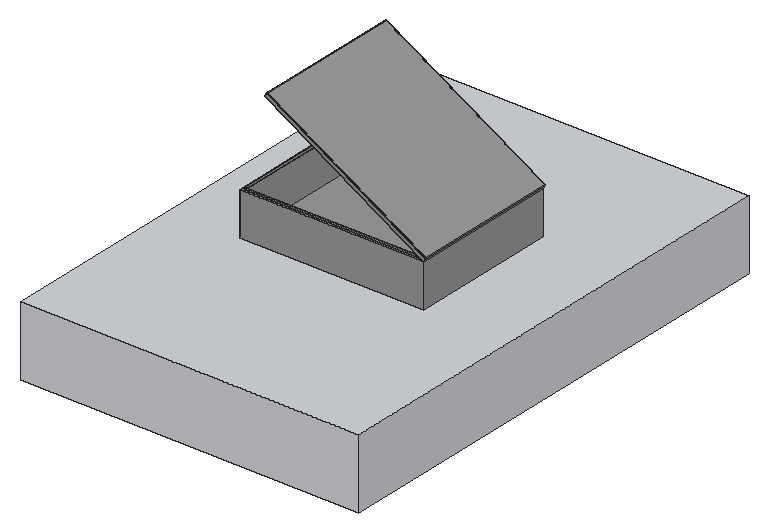
Revit family "Hager-Univers-IP54-D205-H650-Cl.I-Encl-CH-de", category Equipement électrique, Revit 2020
Family settings
  Hôte = Face
  Configuration du panneau = Deux colonnes, circuits au sein
  Cote de connecteur circulaire = Utiliser le diamètre
  Type d'élément = Tableau de raccordement
  Couper avec des vides une fois chargée = Non
  Partagée = Non
  Point de calcul de pièce = Non
Parameters (values of type "Aufputz IP54 B800 H650 T205  - FP43TW2")
  Width Control [instance] = if([EF000008 - Breite] > Min Width, [EF000008 - Breite], Min Width)  # 800 mm
  Commentaires du type = [HG000003 - Bereich]  # "Univers"
  Thickness Door [instance] = if([EF009171 - Materialstärke Tür/Deckel] > 3 mm, 3 mm, [EF009171 - Materialstärke Tür/Deckel])  # 1 mm
  Seal Frame Offset [instance] = 17 mm  # constant formula
  Plinth Visibility [instance] = [HG000027 - Sockelhöhe] > 0 mm  # no
  Model = ""
  Min Width [instance] = 100 mm  # constant formula
  Min Height [instance] = 100 mm  # constant formula
  Min Depth [instance] = (2 * [EF009170 - Materialstärke Gehäuse]) + 1 mm  # 3 mm
  Internal Frame Depth [instance] = (Door System Depth * 0.5)  # 9 mm
  Height Control [instance] = if([EF000040 - Höhe] > Min Height, [EF000040 - Höhe], Min Height)  # 650 mm
  HG000027 - Sockelhöhe = 0 mm
  HG000026 - Stehend auf dem Boden = no
  HG000024 - Höhe des unteren Teils = 800 mm
  HG000023 - Gehäuse mit doppeltem Querschnitt = no
  HG000016 - 3D-Türsichtbarkeit [instance] = yes
  HG000015 - Sichtbarkeit der Türöffnung [instance] = no
  HG000014 - Tür rechts [instance] = yes
  HG000013 - Tür links [instance] = not([HG000014 - Tür rechts])  # no
  HG000012 - Türschwenkwinkel [instance] = 30.00°
  HG000010 - Asymmetrische Türen = no
  HG000009 - Doppelflügeligen Tür = no
  HG000006 - Unterputz = no
  HG000004 - Herstellerreferenz = "FP43TW2"
  HG000003 - Bereich = "Univers"
  HG000002 - Mit tür = yes
  Frame Offset Bottom [instance] = 10 mm  # constant formula
  Frame Offset [instance] = 15 mm  # constant formula
  EF015940 - Deckel mit Überdruckentlastung = no
  EF011959 - Schutzart (NEMA) = ""
  EF009554 - Anzahl der Öffnungen für Flanschplatten = 6
  Fabricant = "Hager"  # constant formula
  EF009212 - Ausführung Deckel = "EV000116 - geschlossen"
  EF009171 - Materialstärke Tür/Deckel = 1 mm
  EF009170 - Materialstärke Gehäuse = 1 mm
  EF008873 - Nennstrom (In) = 250 A
  EF007800 - Geeignet für Blitzschutz = no
  EF006306 - Mit Schloss = no
  EF006244 - Transparenter Deckel/Tür = no
  EF005474 - Schutzart (IP) = "EV006419 - IP54"
  EF004464 - Art der Tür = "EV002646 - Einzel"
  EF004427 - Anzahl der Module = 144
  EF004293 - Schlagfestigkeit = "EV006815 - IK09"
  EF003532 - Geeignet für Außengebrauch = no
  EF002950 - Breite in Teilungseinheiten = 36
  EF001613 - Funktionserhalt = "EV000494 - ohne"
  EF001596 - Werkstoff des Gehäuses = "EV000179 - Stahl"
  EF001131 - Innentiefe = 205 mm
  EF001088 - Anbaumöglichkeit = yes
  EF000437 - Anzahl der Leitungseinführungen = 6
  EF000339 - Art der Abdeckung = "EV001012 - Deckel"
  EF000266 - Anzahl der Reihen = 4
  EF000218 - Einbautiefe = 205 mm
  EF000118 - Mit Montageplatte = no
  EF000116 - RAL-Nummer = "9010"
  EF000049 - Tiefe = 205 mm
  EF000040 - Höhe = 650 mm
  EF000008 - Breite = 800 mm
  EF000007 - Farbe = "EV000202 - weiß"
  EF000003 - Montageart = "EV000384 - Aufputz"
  Door System Leaf Tolerance [instance] = 1.5 mm  # constant formula
  Door System Depth [instance] = 18 mm  # constant formula
  Door Height [instance] = Height Control - [HG000027 - Sockelhöhe]  # 650 mm
  Depth Control [instance] = if([EF000049 - Tiefe] > Min Depth, [EF000049 - Tiefe], Min Depth)  # 205 mm
  Default Elevation = 0 mm
  Connector Offset [instance] = Height Control / 2  # 325 mm
  Bottom Top Plate Trim [instance] = 1.5 mm  # constant formula
  Plinth height Ctrl [instance] = if([HG000027 - Sockelhöhe] > 0 mm, [HG000027 - Sockelhöhe], 12 mm)  # 12 mm
Types (5, lengths in mm): name | Width Control | HG000004 - Herstellerreferenz | EF009554 - Anzahl der Öffnungen für Flanschplatten | EF004464 - Art der Tür | EF004427 - Anzahl der Module | EF002950 - Breite in Teilungseinheiten | EF000437 - Anzahl der Leitungseinführungen | EF000008 - Breite
  Aufputz IP54 B1050 H650 T205  - FP44TW2 | 1050 | "FP44TW2" | 8 | "EV003602 - Doppel" | 192 | 48 | 8 | 1050
  Aufputz IP54 B1300 H650 T205  - FP45TW2 | 1300 | "FP45TW2" | 10 | "EV003602 - Doppel" | 240 | 60 | 10 | 1300
  Aufputz IP54 B300 H650 T205  - FP41TW2 | 300 | "FP41TW2" | 2 | "EV002646 - Einzel" | 48 | 12 | 2 | 300
  Aufputz IP54 B550 H650 T205  - FP42TW2 | 550 | "FP42TW2" | 4 | "EV002646 - Einzel" | 96 | 24 | 4 | 550
  Aufputz IP54 B800 H650 T205  - FP43TW2 | 800 | "FP43TW2" | 6 | "EV002646 - Einzel" | 144 | 36 | 6 | 800
Reference planes
  plane 1 "Center (Front/Back)": y = 0
  plane 2: z = 0
  plane 3 "Center (Left/Right)": x = 0
  plane 4: z = 205
  plane 5: y = 1
  plane 6: y = 325
  plane 7: y = 0
  plane 8: y = 650
  plane 9: z = 0
  plane 10: x = -385
  plane 11: x = 385
  plane 12: x = 384
  plane 13: x = -384
  plane 14: y = 649
  plane 15: x = -383
  plane 16: x = -400
  plane 17: x = 383
  plane 18: x = 400
  plane 19: x = 399
  plane 20: x = -399
  plane 21: y = 11
  plane 22: y = 650
  plane 23: y = 634
  plane 24: z = 187
  plane 25: z = 1
  plane 26: z = 186
  plane 27: z = 204
Forms (mm)
  Extrusion 1, solid
    sketch origin (0, 0, 0) x (1, 0, 0) y (0, 1, 0)
      loop
        line (-702.964, 1305) -> (-702.964, -811.445) -> (766.763, -811.445) -> (766.763, 1305) -> (-702.964, 1305)
    from 0 to -304.8
  Extrusion 2, solid, material "Hager_Steel_RAL7035_Light_Grey", visible <- "Plinth Visibility", detail levels medium+fine
    sketch origin (0, 0, 0) x (1, 0, 0) y (0, 1, 0)
      loop
        line (-400, 0) -> (400, 0) -> (400, 12) -> (-400, 12) -> (-400, 0)
    from 0 to 187
  Extrusion 3, solid, material "Hager_Steel_RAL7035_Light_Grey", detail levels medium+fine
    sketch origin (0, 0, 0) x (1, 0, 0) y (0, 1, 0)
      loop
        line (-400, 0) -> (400, 0) -> (400, 650) -> (-400, 650) -> (-400, 0)
    from 0 to 187
  Extrusion 4, void
    sketch origin (0, 0, 0) x (1, 0, 0) y (0, 1, 0)
      loop
        line (-399, 1) -> (399, 1) -> (399, 649) -> (-399, 649) -> (-399, 1)
    from 1 to 186
  Extrusion 5, void
    sketch origin (-381.607, -4572, 187) x (0, -1, 0) y (-1, 0, 0)
      loop
        line (-4583, 2.393) -> (-5206, 2.393) -> (-5206, -765.607) -> (-4583, -765.607) -> (-4583, 2.393)
    from 0 to 1 <- "EF009170 - Materialstärke Gehäuse"
  Extrusion 6, solid, material "Hager_Steel_RAL7035_Light_Grey", detail levels fine
    sketch origin (0, 0, 187) x (1, 0, 0) y (0, 1, 0)
      loop
        line (-384, 634) -> (-384, 11) -> (384, 11) -> (384, 634) -> (-384, 634)
      loop
        line (-385, 10) -> (385, 10) -> (385, 635) -> (-385, 635) -> (-385, 10)
    from 0 to 9 <- "Internal Frame Depth"
  Extrusion 7, solid, material "Hager_Steel_RAL7035_Light_Grey", detail levels coarse
    sketch origin (0, 0, 0) x (1, 0, 0) y (0, 1, 0)
      loop
        line (-400, 0) -> (400, 0) -> (400, 650) -> (-400, 650) -> (-400, 0)
    from 0 to 205
  Sweep 8, void
    path in 3D
      loop
        line (-400, 12, 0) -> (400, 12, 0) -> (400, 12, 187) -> (-400, 12, 187) -> (-400, 12, 0)
    profile origin (-400, 12, 93.5) x (-1, 0, 0) y (0, -1, 0)
      loop
        line (0, 0) -> (0, 1.5) -> (-1.5, 1.5)
        arc (-1.5, 1.5) -> (-1.061, 0.439) -> (0, 0) r 1.5
Cuts and joins
  Extrusion 4, Extrusion 5 cuts Extrusion 3
  Sweep 8 cuts Extrusion 2
Lines and regions (mm)
  Masking region 1
    outline origin (0, 0, 0) x (1, 0, 0) y (0, 0, 1)
      loop
        line (-400, 205) -> (-400, 0) -> (400, 0) -> (400, 205) -> (-400, 205)
  Masking region 2, detail levels medium+fine
    outline origin (0, 140, 0) x (0, 1, 0) y (0, 0, 1)
      loop
        line (-140, 0) -> (510, 0) -> (510, 187) -> (-140, 187) -> (-140, 0)
  Masking region 3, not visible, detail levels medium+fine
    outline origin (0, 297.922, 0) x (0, 1, 0) y (0, 0, 1)
      loop
        line (38.578, 0) -> (78.578, 0) -> (78.578, 194)
        arc (78.578, 194) -> (75.649, 201.071) -> (68.578, 204) r 10
        line (68.578, 204) -> (38.578, 204) -> (38.578, 0)
  Masking region 4, detail levels coarse
    outline origin (0, 0, 180) x (0, 1, 0) y (0, 0, 1)
      loop
        line (0, -180) -> (650, -180) -> (650, 25) -> (0, 25) -> (0, -180)
  Masking region 5, visible <- "Plinth Visibility", detail levels medium+fine
    outline origin (0, 52.24, 12.345) x (0, 0, -1) y (0, 1, 0)
      loop
        line (10.845, -40.24) -> (-173.155, -40.24)
        arc (-173.155, -40.24) -> (-173.594, -41.301) -> (-174.655, -41.74) r 1.5
        line (-174.655, -41.74) -> (-174.655, -52.24) -> (12.345, -52.24) -> (12.345, -41.74)
        arc (12.345, -41.74) -> (11.285, -41.301) -> (10.845, -40.24) r 1.5
  Masking region 6, detail levels medium+fine
    outline origin (-381.607, -4572, 187) x (-1, 0, 0) y (0, -1, 0)
      loop
        line (18.393, -5222) -> (18.393, -4572) -> (-781.607, -4572) -> (-781.607, -5222) -> (18.393, -5222)
  Masking region 7, visible <- "Plinth Visibility", detail levels medium+fine
    outline origin (-381.607, -4727, 187) x (-1, 0, 0) y (0, -1, 0)
      loop
        arc (16.893, -4739) -> (17.332, -4737.939) -> (18.393, -4737.5) r 1.5
        line (18.393, -4737.5) -> (18.393, -4727) -> (-781.607, -4727) -> (-781.607, -4737.5)
        arc (-781.607, -4737.5) -> (-780.546, -4737.939) -> (-780.107, -4739) r 1.5
        line (-780.107, -4739) -> (16.893, -4739)
  Masking region 8, detail levels coarse
    outline origin (-442.548, -4669.526, 187) x (-1, 0, 0) y (0, -1, 0)
      loop
        line (-42.548, -5319.526) -> (-42.548, -4669.526) -> (-842.548, -4669.526) -> (-842.548, -5319.526) -> (-42.548, -5319.526)
  sketch lines
    curve 1: line (-400, 12, 187) -> (-400, 12, 0)
    curve 2: line (400, 12, 187) -> (-400, 12, 187)
    curve 3: line (400, 12, 187) -> (400, 12, 0)
    curve 4: line (-400, 12, 0) -> (400, 12, 0)
Dimensions and locks
  "Depth Control": plane 4 to Extrusion 1
  "HG000027 - Sockelhöhe": plane 1 "Center (Front/Back)" to plane 7
  "EF009170 - Materialstärke Gehäuse": plane 5 to plane 7
  locked: connector elem to plane 3 "Center (Left/Right)"
  equal spacing: plane 8, plane 6, plane 7
  locked: connector elem to plane 6
  "EF009170 - Materialstärke Gehäuse": plane 8 to plane 14
  "EF009170 - Materialstärke Gehäuse": plane 10 to plane 13
  "EF009170 - Materialstärke Gehäuse": plane 12 to plane 11
  "Frame Offset": plane 20 to plane 13
  "Frame Offset": plane 12 to plane 19
  "EF009170 - Materialstärke Gehäuse": plane 16 to plane 20
  "EF009170 - Materialstärke Gehäuse": plane 19 to plane 18
  "Seal Frame Offset": plane 16 to plane 15
  "Seal Frame Offset": plane 17 to plane 18
  "Frame Offset Bottom": plane 21 to plane 5
  "Frame Offset": plane 14 to plane 23
  equal spacing: plane 16, plane 3 "Center (Left/Right)", plane 18
  "Width Control": plane 16 to plane 18
  "EF009170 - Materialstärke Gehäuse": plane 4 to plane 27
  "EF009170 - Materialstärke Gehäuse": plane 24 to plane 26
  "EF009170 - Materialstärke Gehäuse": plane 25 to level
  "Door System Depth": plane 4 to plane 24
  "Height Control": plane 1 "Center (Front/Back)" to Extrusion 7 sketch curve
  "Height Control": Masking region 4 sketch curve to plane 1 "Center (Front/Back)"
  "Height Control": plane 1 "Center (Front/Back)" to plane 22
  "Bottom Top Plate Trim": profile plane to Sweep 8 sketch curve
  "Bottom Top Plate Trim": Sweep 8 sketch curve to profile plane
  "Plinth height Ctrl": plane 1 "Center (Front/Back)" to Extrusion 2 sketch curve
  "Plinth height Ctrl": Masking region 5 sketch curve to plane 1 "Center (Front/Back)"
  "Plinth height Ctrl": plane 1 "Center (Front/Back)" to Masking region 7 sketch curve
  "Thickness Door": Extrusion 6 sketch curve to Extrusion 6 sketch curve  (x3)
  "Thickness Door": cut or joined group of Extrusion 3, Extrusion 4, Extrusion 5 to Extrusion 6 sketch curve
  radius of Masking region 3 sketch curve = 10 mm
  "Bottom Top Plate Trim": radius of Masking region 5 sketch curve  (x2)
  "Bottom Top Plate Trim": radius of Sweep 8 sketch curve
  "Bottom Top Plate Trim": radius of Masking region 7 sketch curve  (x2)
  aligned and locked: plane 2 to Extrusion 1
  aligned and locked: level to Extrusion 1
  aligned and locked: level to Masking region 1 sketch curve
  aligned and locked: Masking region 1 sketch curve to plane 18
  aligned and locked: Masking region 1 sketch curve to plane 16
  aligned and locked: plane 7 to Masking region 2 sketch curve
  aligned and locked: level to Masking region 3 sketch curve
  aligned and locked: Masking region 3 sketch curve to plane 27
  aligned and locked: level to Masking region 2 sketch curve
  aligned and locked: plane 1 "Center (Front/Back)" to Extrusion 2 sketch curve
  aligned and locked: Extrusion 3 sketch curve to plane 7
  aligned and locked: plane 16 to Extrusion 3 sketch curve
  aligned and locked: plane 18 to Extrusion 3 sketch curve
  aligned and locked: plane 20 to Extrusion 4 sketch curve
  aligned and locked: plane 19 to Extrusion 4 sketch curve
  aligned and locked: Extrusion 4 sketch curve to plane 5
  aligned and locked: Extrusion 4 to plane 25
  aligned and locked: plane 26 to Extrusion 4
  aligned and locked: plane 24 to Extrusion 3
  aligned and locked: Extrusion 5 sketch curve to plane 21
  aligned and locked: Extrusion 5 sketch curve to plane 13
  aligned and locked: Extrusion 5 sketch curve to plane 12
  aligned and locked: plane 18 to Extrusion 7 sketch curve
  aligned and locked: plane 1 "Center (Front/Back)" to Extrusion 7 sketch curve
  aligned and locked: plane 16 to Extrusion 7 sketch curve
  aligned and locked: plane 4 to Extrusion 7
  aligned and locked: Extrusion 7 to level
  aligned and locked: level to Masking region 4 sketch curve
  aligned and locked: Masking region 4 sketch curve to plane 1 "Center (Front/Back)"
  aligned and locked: Masking region 4 sketch curve to plane 4
  aligned and locked: nested 1 to level
  aligned and locked: nested 1 to plane 16
  aligned and locked: plane 8 to Extrusion 3 sketch curve
  aligned and locked: plane 23 to Extrusion 5 sketch curve
  aligned and locked: plane 14 to Extrusion 4 sketch curve
  aligned and locked: Masking region 2 sketch curve to plane 8
  aligned and locked: level to Masking region 5 sketch curve
  aligned and locked: plane 16 to Extrusion 2 sketch curve
  aligned and locked: plane 18 to Extrusion 2 sketch curve
  aligned and locked: Masking region 5 sketch curve to plane 24
  aligned and locked: Masking region 2 sketch curve to plane 24
  aligned and locked: plane 24 to Extrusion 2
  aligned and locked: profile plane to Sweep 8 sketch curve  (x2)
  aligned and locked: Masking region 6 sketch curve to plane 18
  aligned and locked: Masking region 6 sketch curve to plane 22
  aligned and locked: Masking region 6 sketch curve to plane 16
  aligned and locked: plane 8 to plane 22
  aligned and locked: Masking region 6 sketch curve to plane 7
  aligned and locked: Masking region 7 sketch curve to plane 16
  aligned and locked: Masking region 7 sketch curve to plane 1 "Center (Front/Back)"
  aligned and locked: Masking region 7 sketch curve to plane 18
  aligned and locked: Masking region 8 sketch curve to plane 1 "Center (Front/Back)"
  aligned and locked: Masking region 8 sketch curve to plane 18
  aligned and locked: Masking region 8 sketch curve to plane 22
  aligned and locked: Masking region 8 sketch curve to plane 16
  aligned and locked: nested 2 to plane 7
  aligned and locked: plane 3 "Center (Left/Right)" to nested 2
  aligned and locked: nested 2 to plane 24
  aligned and locked: Extrusion 6 sketch curve to cut or joined group of Extrusion 3, Extrusion 4, Extrusion 5  (x4)
Automatic sketch dimensions
  Extrusion 1 sketch curve to Extrusion 1 sketch curve = 1469.727 mm
  Extrusion 1 sketch curve to Extrusion 1 sketch curve = 2116.445 mm
  Masking region 1 sketch curve to plane 4 = 0 mm
  plane 6 to Masking region 3 sketch curve = 11.5 mm
  Masking region 3 sketch curve to Masking region 3 sketch curve = 30 mm
  Masking region 5 sketch curve to plane 1 "Center (Front/Back)" = 0 mm
Nested families
  nested 1: "Hager_Enclosure_Symbol" at (-400, 0, 0) x (1, 0, 0) z (0, -1, 0), Height <- "Depth Control", Width <- "Width Control", type "Hager_Enclosure_Symbol"
    with Width_Ctrl 800 mm, Width 800 mm, Height_Ctrl 205 mm, Height 205 mm, A_Width_Int 13.453 mm, A_Width 161.438 mm, A_Height_Ctrl 179.375 mm, A_Height 179.375 mm
  nested 2: "EC000058_Univers_Door" at (0, 0, 187) x (1, 0, 0) z (0, 1, 0), Leaf_Tolerance <- "Door System Leaf Tolerance", Angle <- "HG000012 - Türschwenkwinkel", Door_Depth <- "Door System Depth", Door_Left <- "HG000013 - Tür links", Transparent <- "EF006244 - Transparenter Deckel/Tür", Assymetrical <- "HG000010 - Asymmetrische Türen", Width <- "Width Control", Clearance <- "HG000015 - Sichtbarkeit der Türöffnung", Double <- "HG000009 - Doppelflügeligen Tür", 3d_Door <- "HG000016 - 3D-Türsichtbarkeit", Lock_Visibility <- "EF006306 - Mit Schloss", Width_Ctrl <- "Width Control", Door_Right <- "HG000014 - Tür rechts", Door <- "HG000002 - Mit tür", Height <- "Door Height", Thickness <- "Thickness Door", type "EC000058_Univers_Door", detail levels medium+fine
    with min_wh 3 mm, Width_Ctrl 800 mm, Width 800 mm, Transparent no, Thickness 1 mm, Seal_Material Hager_Rubber, Lock_Visibility no, Lock_Material Hager_Plastic_RAL9005_Jet_Black, Leaf_Width 800 mm, Leaf_Tolerance_External_Sides 0 mm, Leaf_Tolerance 1.5 mm, Leaf_Offset 0 mm, Leaf_Height 647 mm, Leaf_2_Width 800 mm, Leaf_2_Offset 400 mm, Leaf_1_Width 800 mm, Leaf_1_Offset 400 mm, Height_Ctrl 650 mm, Height 650 mm, Glass_Material Hager_Glass, Double_Clearance_Ctrl no, Double no, Door_Right_Ctrl yes, Door_Right yes, Door_Material Hager_Steel_RAL7035_Light_Grey, Door_Left_Ctrl no, Door_Left no, Door_Depth 18 mm, Door yes, Clearance_Material Hager_Clearance, Clearance_Depth 800 mm, Clearance_Ctrl no, Clearance no, Assymetrical no, Angle 30.00°, 3d_Door yes
Connectors
  electrical at (0, 325, 0)
    settings: on plane 9, index 1, voltage 0 V, apparent load 0 VA, apparent load phase1 0 VA, apparent load phase2 0 VA, apparent load phase3 0 VA, power factor 1, load classification "Other", number of poles 1, system type 30, power factor state 1, is connector primary yes, connector utility no, sub classification motor no, connector description ""
Definition of nested family "EC000058_Univers_Door"
  Parameters (values of type "EC000058_Univers_Door")
    min_wh [instance] = (2 * Thickness) + 1 mm  # 11 mm
    Width_Ctrl [instance] = 400 mm
    Width [instance] = 500 mm
    Transparent [instance] = yes
    Thickness [instance] = 5 mm
    Seal_Material [instance] = none
    Lock_Visibility [instance] = yes
    Lock_Material [instance] = none
    Leaf_Width [instance] = if((Width_Ctrl - 2 * Leaf_Tolerance_External_Sides) > 0 mm, (Width_Ctrl - 2 * Leaf_Tolerance_External_Sides), min_wh)  # 400 mm
    Leaf_Tolerance_External_Sides [instance] = 0 mm  # constant formula
    Leaf_Tolerance [instance] = 1.5 mm
    Leaf_Offset [instance] = 0 mm  # constant formula
    Leaf_Height [instance] = if((Height_Ctrl - 2 * Leaf_Tolerance) > 0 mm, (Height_Ctrl - 2 * Leaf_Tolerance), min_wh)  # 497 mm
    Leaf_2_Width [instance] = if(and(and(Double, Assymetrical), Door_Left), (Leaf_Width / 3) - (Leaf_Tolerance / 2), if(and(and(Double, Assymetrical), Door_Right), (Leaf_Width / 3) * 2 - (Leaf_Tolerance / 2), if(and(Double, not(Assymetrical)), (Leaf_Width / 2) - Leaf_Tolerance, Leaf_Width)))  # 400 mm
    Leaf_2_Offset [instance] = if(and(Double, Assymetrical), Leaf_2_Width / 2, if(and(Double, not(Assymetrical)), Leaf_Width / 4, Leaf_Width / 2))  # 200 mm
    Leaf_1_Width [instance] = if(and(and(Double, Assymetrical), Door_Right), (Leaf_Width / 3) - (Leaf_Tolerance / 2), if(and(and(Double, Assymetrical), Door_Left), (Width / 3) * 2 - (Leaf_Tolerance / 2), if(and(Double, not(Assymetrical)), (Leaf_Width / 2) - Leaf_Tolerance, Leaf_Width)))  # 400 mm
    Leaf_1_Offset [instance] = if(and(Double, Assymetrical), Leaf_1_Width / 2, if(and(Double, not(Assymetrical)), Leaf_Width / 4, Leaf_Width / 2))  # 200 mm
    Height_Ctrl [instance] = if(Height > min_wh, Height, min_wh)  # 500 mm
    Height [instance] = 500 mm
    Glass_Material [instance] = none
    Double_Clearance_Ctrl [instance] = and(Double, Clearance)  # no
    Double [instance] = no
    Door_Right_Ctrl [instance] = and(or(Door_Right, Double), Door)  # yes
    Door_Right [instance] = yes
    Door_Material [instance] = none
    Door_Left_Ctrl [instance] = and(or(Door_Left, Double), Door)  # no
    Door_Left [instance] = no
    Door_Depth [instance] = 30 mm
    Door [instance] = yes
    Default Elevation = 1219.2 mm
    Clearance_Material [instance] = none
    Clearance_Depth [instance] = if(Leaf_1_Width > Leaf_2_Width, Leaf_1_Width, Leaf_2_Width)  # 400 mm
    Clearance_Ctrl [instance] = and(not(Double), Clearance)  # yes
    Clearance [instance] = yes
    Assymetrical [instance] = yes
    Angle [instance] = 30.00°
    3d_Door [instance] = yes
  Reference planes
    plane 1 "Center (Front/Back)": y = 0
    plane 2 "Bottom": z = 0
    plane 3 "Center (Left/Right)": x = 0
    plane 4: z = 500
    plane 5: x = -200
    plane 6: x = 200
    plane 7: z = 500
    plane 8: x = -200
    plane 9: z = 0
    plane 10: x = 200
    plane 11: y = 0
    plane 12: z = 1.5
    plane 13: x = -600
    plane 14: y = -400
    plane 15: x = 600
    plane 16: x = 0
    plane 17: x = 0
    plane 18: x = -200
    plane 19: x = 200
    plane 20: z = 498.5
  Forms (mm)
    Extrusion 1, solid, material <- "Clearance_Material", visible <- "Double_Clearance_Ctrl"
      sketch origin (1200, 0, 0) x (1, 0, 0) y (0, 0, -1)
        loop
          line (-1800, -498.5) -> (-600, -498.5) -> (-600, 0) -> (-1800, 0) -> (-1800, -498.5)
      from 0 to -400
  Dimensions and locks
    equal spacing: plane 5, plane 3 "Center (Left/Right)", plane 6
    "Width_Ctrl": plane 5 to plane 6
    "Leaf_Offset": plane 5 to plane 8
    "Leaf_Offset": plane 6 to plane 10
    "Leaf_Offset": plane 9 to level
    "Leaf_Offset": plane 4 to plane 7
    "Height_Ctrl": plane 4 to level
    "Leaf_Tolerance": plane 12 to plane 9
    locked: plane 11 to plane 1 "Center (Front/Back)"
    "Leaf_1_Offset": plane 18 to plane 16
    "Leaf_2_Offset": plane 17 to plane 19
    "Leaf_1_Width": plane 13 to plane 8
    "Leaf_2_Width": plane 10 to plane 15
    "Clearance_Depth": plane 14 to plane 1 "Center (Front/Back)"
    "Leaf_Tolerance_External_Sides": plane 8 to plane 18
    "Leaf_Tolerance_External_Sides": plane 19 to plane 10
    "Leaf_Tolerance": plane 7 to plane 20
    aligned and locked: level to plane 2 "Bottom"
    aligned and locked: nested 1 to plane 16
    aligned and locked: nested 2 to plane 17
    aligned and locked: Extrusion 1 to plane 13
    aligned and locked: plane 15 to Extrusion 1
    aligned and locked: Extrusion 1 to plane 14
    aligned and locked: plane 12 to nested 1
    aligned and locked: nested 2 to plane 12
    aligned and locked: Extrusion 1 to plane 11
    aligned and locked: plane 20 to Extrusion 1
    aligned and locked: nested 2 to plane 11
    aligned and locked: nested 1 to plane 11
  Automatic sketch dimensions
    Extrusion 1 sketch curve to level = 0 mm
    plane 5 to Extrusion 1 sketch curve = 400 mm
    plane 6 to Extrusion 1 sketch curve = 400 mm
    Extrusion 1 sketch curve to plane 4 = 1.5 mm
  Nested families
    nested 1: "EC000058_Univers_Door_Leaf" at (0, 0, 1.5), Width <- "Leaf_1_Width", visible <- "Door_Left_Ctrl", Leaf_Height <- "Leaf_Height", Angle <- "Angle", 3d_Door <- "3d_Door", Transparent <- "Transparent", Clearance Material <- "Clearance_Material", Clearance <- "Clearance_Ctrl", Door_Material <- "Door_Material", Glass_Material <- "Glass_Material", Door_Depth <- "Door_Depth", Lock_Material <- "Lock_Material", Seal_Material <- "Seal_Material", Lock_Visibility <- "Lock_Visibility", Thickness <- "Thickness", type "EC000058_Univers_Door_Leaf"
      with Width 400 mm, Transparent_Glass_Offset 30 mm, Transparent_Ctrl yes, Transparent yes, Thickness 5 mm, Standard no, Seal_Material none, Seal_D2 8 mm, Seal_D1 1 mm, Offset_Internal_Frame 10 mm, Lock_Width 20 mm, Lock_Visibility_3d yes, Lock_Visibility yes, Lock_Thickness_3 3 mm, Lock_Thickness_2 1 mm, Lock_Thickness_1 3 mm, Lock_Radius_Offset_2 16 mm, Lock_Radius_Offset_1 15 mm, Lock_Radius_2 5 mm, Lock_Radius 6 mm, Lock_Offset 5 mm, Lock_Material none, Lock_Height 80 mm, Lock_Cover_Top_Offset_2d 17 mm, Lock_Cover_Height -65 mm, Leaf_Height 497 mm, Internal_Seal_Thickness 8 mm, Internal_Seal_Depth_2 4.5 mm, Internal_Frame_Depth 25 mm, Glass_Thickness -1 mm, Glass_Offset -2 mm, Glass_Material none, Door_Material none, Door_Depth 30 mm, Clearance Material none, Clearance yes, Angle_Ctrl 30.00°, Angle 30.00°, 3d_Door yes
    nested 2: "EC000058_Univers_Door_Leaf" at (0, 0, 1.5) x (-1, 0, 0) z (0, 0, 1), Width <- "Leaf_2_Width", visible <- "Door_Right_Ctrl", Leaf_Height <- "Leaf_Height", Angle <- "Angle", 3d_Door <- "3d_Door", Transparent <- "Transparent", Clearance Material <- "Clearance_Material", Clearance <- "Clearance_Ctrl", Door_Material <- "Door_Material", Glass_Material <- "Glass_Material", Door_Depth <- "Door_Depth", Lock_Material <- "Lock_Material", Seal_Material <- "Seal_Material", Lock_Visibility <- "Lock_Visibility", Thickness <- "Thickness", type "EC000058_Univers_Door_Leaf"
      with Width 400 mm, Transparent_Glass_Offset 30 mm, Transparent_Ctrl yes, Transparent yes, Thickness 5 mm, Standard no, Seal_Material none, Seal_D2 8 mm, Seal_D1 1 mm, Offset_Internal_Frame 10 mm, Lock_Width 20 mm, Lock_Visibility_3d yes, Lock_Visibility yes, Lock_Thickness_3 3 mm, Lock_Thickness_2 1 mm, Lock_Thickness_1 3 mm, Lock_Radius_Offset_2 16 mm, Lock_Radius_Offset_1 15 mm, Lock_Radius_2 5 mm, Lock_Radius 6 mm, Lock_Offset 5 mm, Lock_Material none, Lock_Height 80 mm, Lock_Cover_Top_Offset_2d 17 mm, Lock_Cover_Height -65 mm, Leaf_Height 497 mm, Internal_Seal_Thickness 8 mm, Internal_Seal_Depth_2 4.5 mm, Internal_Frame_Depth 25 mm, Glass_Thickness -1 mm, Glass_Offset -2 mm, Glass_Material none, Door_Material none, Door_Depth 30 mm, Clearance Material none, Clearance yes, Angle_Ctrl 30.00°, Angle 30.00°, 3d_Door yes
  Definition of nested family "EC000058_Univers_Door_Leaf"
    Parameters (values of type "EC000058_Univers_Door_Leaf")
      Width [instance] = 2000 mm
      Transparent_Glass_Offset [instance] = 30 mm
      Transparent_Ctrl [instance] = and(Transparent, [3d_Door])  # yes
      Transparent [instance] = yes
      Thickness [instance] = 5 mm
      Standard [instance] = and(not(Transparent), [3d_Door])  # no
      Seal_Material [instance] = none
      Seal_D2 [instance] = 8 mm  # constant formula
      Seal_D1 [instance] = 1 mm  # constant formula
      Offset_Internal_Frame [instance] = 10 mm  # constant formula
      Lock_Width [instance] = 20 mm  # constant formula
      Lock_Visibility_3d [instance] = and(Lock_Visibility, [3d_Door])  # yes
      Lock_Visibility [instance] = yes
      Lock_Thickness_3 [instance] = 3 mm  # constant formula
      Lock_Thickness_2 [instance] = 1 mm  # constant formula
      Lock_Thickness_1 [instance] = 3 mm  # constant formula
      Lock_Radius_Offset_2 [instance] = Lock_Radius_Offset_1 + 1 mm  # 16 mm
      Lock_Radius_Offset_1 [instance] = 15 mm  # constant formula
      Lock_Radius_2 [instance] = Lock_Radius - 1 mm  # 5 mm
      Lock_Radius [instance] = 6 mm  # constant formula
      Lock_Offset [instance] = 5 mm  # constant formula
      Lock_Material [instance] = none
      Lock_Height [instance] = 80 mm  # constant formula
      Lock_Cover_Top_Offset_2d [instance] = Lock_Radius_Offset_2 + 1 mm  # 17 mm
      Lock_Cover_Height [instance] = -(Lock_Height - Lock_Radius_Offset_1)  # -65 mm
      Leaf_Height [instance] = 2720.336 mm
      Internal_Seal_Thickness [instance] = 8 mm  # constant formula
      Internal_Seal_Depth_2 [instance] = 4.5 mm  # constant formula
      Internal_Frame_Depth [instance] = if(Door_Depth - Thickness > 5 mm, Door_Depth - Thickness, 5 mm)  # 25 mm
      Glass_Thickness [instance] = if(Thickness > 15 mm, Glass_Offset + 10 mm, -1 mm)  # -1 mm
      Glass_Offset [instance] = if(Thickness > 15 mm, -(Thickness + 10 mm) / 2, -2 mm)  # -2 mm
      Glass_Material [instance] = none
      Door_Material [instance] = none
      Door_Depth [instance] = 30 mm
      Default Elevation = 0 mm
      Clearance Material [instance] = none
      Clearance [instance] = yes
      Angle_Ctrl [instance] = if(Angle > 180.00°, 180.00°, Angle)  # 90.00°
      Angle [instance] = 90.00°
      3d_Door [instance] = yes
    Reference planes
      plane 1 "Center (Front/Back)": y = 0
      plane 2: z = 0
      plane 3 "Center (Left/Right)": x = 0
      plane 4: y = 2000
      plane 5: x = -1000
      plane 6: x = 1000
      plane 7: x = -3000
      plane 8: z = 2720.336
      plane 9: z = 30
      plane 10: z = 2690.336
      plane 11: x = 970
      plane 12: x = -970
      plane 13: y = -3
      plane 14: z = 107.833
      plane 15: y = -5
      plane 16: y = -223.314
      plane 17: x = -1000
      plane 18: z = 1360.168
      plane 19: y = 30
    Forms (mm)
      Extrusion 1, solid, material <- "Clearance Material", visible <- "Clearance"
        sketch origin (0, 0, 0) x (1, 0, 0) y (0, 0, 1)
          loop
            line (-3000, 2720.336) -> (-3000, 0) -> (1000, 0) -> (1000, 2720.336) -> (-3000, 2720.336)
        from 0 to -2000
      Extrusion 2, solid, material <- "Door_Material", visible <- "Standard", detail levels medium+fine
        sketch origin (-1000, 0, 0) x (0, 1, 0) y (-1, 0, 0)
          loop
            line (0, 30) -> (0, 25) -> (2000, 25) -> (2000, 30) -> (0, 30)
        from 0 to 2720.336 <- "Leaf_Height"
      Extrusion 3, solid, material <- "Door_Material", visible <- "Transparent_Ctrl", detail levels medium+fine
        sketch origin (-1000, 0, 0) x (0, 1, 0) y (-1, 0, 0)
          loop
            line (0, 25) -> (2000, 25) -> (2000, 30) -> (0, 30) -> (0, 25)
        from 0 to 2720.336 <- "Leaf_Height"
      Extrusion 4, void
        sketch origin (-1025, 2000, 0) x (0, 1, 0) y (0, 0, -1)
          loop
            line (-30, -2690.336) -> (-30, -30) -> (-1970, -30) -> (-1970, -2690.336) -> (-30, -2690.336)
        from 0 to 5 <- "Thickness"
      Sweep 5, solid, material <- "Seal_Material", visible <- "Transparent_Ctrl", detail levels fine
        path in 3D
          loop
            line (-1025, 30, 30) -> (-1025, 30, 2690.336) -> (-1025, 1970, 2690.336) -> (-1025, 1970, 30) -> (-1025, 30, 30)
        profile origin (-1025, 1000, 30) x (1, 0, 0) y (0, 0, 1)
          loop
            line (0, 0) -> (0, -8) -> (1, -8) -> (1, 0) -> (0, 0)
      Extrusion 6, solid, material <- "Glass_Material", visible <- "Transparent_Ctrl", detail levels medium+fine
        sketch origin (-1030, 0, 0) x (0, 1, 0) y (0, 0, -1)
          loop
            line (1970, -2690.336) -> (1970, -30) -> (30, -30) -> (30, -2690.336) -> (1970, -2690.336)
        from -2 <- "Glass_Offset" to -1 <- "Glass_Thickness"
      Extrusion 7, solid, material <- "Door_Material", visible <- "3d_Door", detail levels medium+fine
        sketch origin (-1025, 2000, 0) x (0, -1, 0) y (0, 0, -1)
          loop
            line (0, -2720.336) -> (2000, -2720.336) -> (2000, 0) -> (0, 0) -> (0, -2720.336)
          loop
            line (1995, -5) -> (5, -5) -> (5, -2715.336) -> (1995, -2715.336) -> (1995, -5)
        from 0 to 25 <- "Internal_Frame_Depth"
      Sweep 8, solid, material <- "Seal_Material", visible <- "Transparent_Ctrl", detail levels fine
        path in 3D
          loop
            line (-1025, 0, 0) -> (-1025, 2000, 0) -> (-1025, 2000, 2720.336) -> (-1025, 0, 2720.336) -> (-1025, 0, 0)
        profile origin (-1025, 0, 1360.168) x (1, 0, 0) y (0, 1, 0)
          loop
            line (0, 10) -> (2.975, 10)
            arc (2.975, 10) -> (4.053, 10.447) -> (4.5, 11.525) r 1.525
            line (4.5, 11.525) -> (4.5, 16.527)
            arc (4.5, 16.527) -> (4.069, 17.569) -> (3.027, 18) r 1.473
            line (3.027, 18) -> (0, 18) -> (0, 10)
      Extrusion 9, solid, material <- "Lock_Material", visible <- "Lock_Visibility_3d", detail levels fine
        sketch origin (-1030, 0, 0) x (0, 1, 0) y (0, 0, -1)
          loop
            arc (1993.5, -1400.168) -> (1994.561, -1399.729) -> (1995, -1398.668) r 1.5
            line (1995, -1398.668) -> (1995, -1320.168) -> (1975, -1320.168) -> (1975, -1398.668)
            arc (1975, -1398.668) -> (1975.439, -1399.729) -> (1976.5, -1400.168) r 1.5
            line (1976.5, -1400.168) -> (1993.5, -1400.168)
        from 3 <- "Lock_Thickness_1" to 0
      Blend 10, solid, material <- "Lock_Material", visible <- "Lock_Visibility_3d", detail levels fine
        base sketch origin (-1033, 0, 0) x (0, 1, 0) y (0, 0, -1)
          loop
            line (1975, -1320.168) -> (1975, -1398.668)
            arc (1975, -1398.668) -> (1975.439, -1399.729) -> (1976.5, -1400.168) r 1.5
            line (1976.5, -1400.168) -> (1993.5, -1400.168)
            arc (1993.5, -1400.168) -> (1994.561, -1399.729) -> (1995, -1398.668) r 1.5
            line (1995, -1398.668) -> (1995, -1320.168) -> (1975, -1320.168)
        top sketch origin (-1033, 0, 0) x (0, 1, 0) y (0, 0, -1)
          loop
            line (1976, -1320.168) -> (1976, -1398.668)
            arc (1976, -1398.668) -> (1976.146, -1399.022) -> (1976.5, -1399.168) r 0.5
            line (1976.5, -1399.168) -> (1993.5, -1399.168)
            arc (1993.5, -1399.168) -> (1993.854, -1399.022) -> (1994, -1398.668) r 0.5
            line (1994, -1398.668) -> (1994, -1320.168) -> (1976, -1320.168)
        from 0 to 1 <- "Lock_Thickness_2"
      Blend 11, solid, material <- "Lock_Material", visible <- "Lock_Visibility_3d", detail levels fine
        base sketch origin (-1034, 0, 0) x (0, 1, 0) y (0, 0, -1)
          loop
            line (1978, -1320.168) -> (1978, -1384.168)
            arc (1978, -1384.168) -> (1985, -1391.168) -> (1992, -1384.168) r 7
            line (1992, -1384.168) -> (1992, -1320.168) -> (1978, -1320.168)
        top sketch origin (-1034, 0, 0) x (0, 1, 0) y (0, 0, -1)
          loop
            line (1991, -1320.168) -> (1979, -1320.168) -> (1979, -1383.168)
            arc (1979, -1383.168) -> (1985, -1389.168) -> (1991, -1383.168) r 6
            line (1991, -1383.168) -> (1991, -1320.168)
        from 0 to 3 <- "Lock_Thickness_3"
      Extrusion 12, solid, material <- "Lock_Material", visible <- "Lock_Visibility_3d", detail levels fine
        sketch origin (-1030, 1975, 1320.168) x (1, 0, 0) y (0, -1, 0)
          loop
            line (-7, -19) -> (-7, -1) -> (0, -1) -> (0, 0) -> (-8, 0) -> (-8, -20) -> (0, -20) -> (0, -19) -> (-7, -19)
        from 0 to -65 <- "Lock_Cover_Height"
      Extrusion 13, void
        sketch origin (-1038, 1995, 1320.168) x (-1, 0, 0) y (0, 0, -1)
          loop
            line (-5, -65) -> (0, -65) -> (-5, -60) -> (-5, -65)
        from 0 to 20 <- "Lock_Width"
      Extrusion 14, void
        sketch origin (-1038, 1975, 1320.168) x (0, -1, 0) y (0, 0, -1)
          loop
            circle (-10, -15.995) r 6
          loop
            circle (-10, -15.995) r 5
        from 0 to 2
      Extrusion 15, solid, material <- "Lock_Material", visible <- "Lock_Visibility_3d", detail levels medium
        sketch origin (-1030, 0, 0) x (0, 1, 0) y (0, 0, -1)
          loop
            arc (1993.5, -1400.168) -> (1994.561, -1399.729) -> (1995, -1398.668) r 1.5
            line (1995, -1398.668) -> (1995, -1320.168) -> (1975, -1320.168) -> (1975, -1398.668)
            arc (1975, -1398.668) -> (1975.439, -1399.729) -> (1976.5, -1400.168) r 1.5
            line (1976.5, -1400.168) -> (1993.5, -1400.168)
        from 8 to 0
    Cuts and joins
      Extrusion 4 cuts Extrusion 3
      Extrusion 13, Extrusion 14 cuts Extrusion 9
      Extrusion 14 cuts Blend 11
      Extrusion 13, Extrusion 14 cuts Extrusion 12
      joined: Extrusion 9, Blend 10, Blend 11, Extrusion 12
      Extrusion 14 cuts Extrusion 15
    Lines and regions (mm)
      Masking region 1, visible <- "Lock_Visibility", detail levels fine
        outline origin (0, 0, 0) x (0, 1, 0) y (0, 0, 1)
          loop
            line (30, 1320.168) -> (33, 1320.168) -> (33, 1400.168) -> (30, 1400.168) -> (30, 1320.168)
      Masking region 2, visible <- "Lock_Visibility", detail levels fine
        outline origin (0, 3.143, 0) x (0, 1, 0) y (0, 0, 1)
          loop
            line (29.857, 1354.168) -> (30.857, 1354.168) -> (30.857, 1366.168) -> (29.857, 1366.168) -> (29.857, 1354.168)
      Masking region 3, detail levels medium+fine
        outline origin (0, 0, 0) x (0, 1, 0) y (0, 0, 1)
          loop
            line (0, 0) -> (30, 0) -> (30, 2720.336) -> (0, 2720.336) -> (0, 0)
      Masking region 4, detail levels medium+fine
        outline origin (0, 0, 0) x (1, 0, 0) y (0, 0, 1)
          loop
            line (-1000, 2720.336) -> (-1000, 0) -> (1000, 0) -> (1000, 2720.336) -> (-1000, 2720.336)
      Masking region 5, visible <- "Lock_Visibility", detail levels fine
        outline origin (-47.116, 0, 0) x (1, 0, 0) y (0, 0, 1)
          loop
            arc (1024.616, 1399.168) -> (1023.556, 1398.729) -> (1023.116, 1397.668) r 1.5
            line (1023.116, 1397.668) -> (1023.116, 1320.168) -> (1041.116, 1320.168) -> (1041.116, 1397.668)
            arc (1041.116, 1397.668) -> (1040.677, 1398.729) -> (1039.616, 1399.168) r 1.5
            line (1039.616, 1399.168) -> (1024.616, 1399.168)
      Masking region 6, visible <- "Lock_Visibility", detail levels medium+fine
        outline origin (-25, 0, 0) x (1, 0, 0) y (0, 0, 1)
          loop
            arc (1001.5, 1400.168) -> (1000.439, 1399.729) -> (1000, 1398.668) r 1.5
            line (1000, 1398.668) -> (1000, 1320.168) -> (1020, 1320.168) -> (1020, 1398.668)
            arc (1020, 1398.668) -> (1019.561, 1399.729) -> (1018.5, 1400.168) r 1.5
            line (1018.5, 1400.168) -> (1001.5, 1400.168)
      Masking region 7, visible <- "Lock_Visibility", detail levels fine
        outline origin (-73.735, 0, 0) x (1, 0, 0) y (0, 0, 1)
          loop
            line (1051.735, 1382.168) -> (1065.735, 1382.168) -> (1065.735, 1384.168)
            arc (1065.735, 1384.168) -> (1058.735, 1391.168) -> (1051.735, 1384.168) r 7
            line (1051.735, 1384.168) -> (1051.735, 1382.168)
      Masking region 8, visible <- "Lock_Visibility", detail levels fine
        outline origin (-73.735, 0, 0) x (1, 0, 0) y (0, 0, 1)
          loop
            line (1052.735, 1382.168) -> (1064.735, 1382.168) -> (1064.735, 1383.168)
            arc (1064.735, 1383.168) -> (1058.735, 1389.168) -> (1052.735, 1383.168) r 6
            line (1052.735, 1383.168) -> (1052.735, 1382.168)
      Masking region 9, visible <- "Lock_Visibility", detail levels fine
        outline origin (-25, 0, 0) x (1, 0, 0) y (0, 0, 1)
          loop
            line (1020, 1320.168) -> (1020, 1382.168) -> (1000, 1382.168) -> (1000, 1320.168) -> (1020, 1320.168)
      Masking region 10, detail levels medium+fine
        outline origin (0, 0, 0) x (1, 0, 0) y (0, 0, 1)
          loop
            circle (985, 1335.144) r 6
      Masking region 11, detail levels fine
        outline origin (0, 0, 0) x (1, 0, 0) y (0, 0, 1)
          loop
            circle (985, 1335.144) r 5
      Masking region 12, visible <- "Lock_Visibility", detail levels fine
        outline origin (0, 12.767, 0) x (0, 1, 0) y (0, 0, 1)
          loop
            line (20.233, 1320.168) -> (21.233, 1320.168) -> (21.233, 1399.168) -> (20.233, 1400.168) -> (20.233, 1320.168)
      Masking region 13, visible <- "Lock_Visibility", detail levels fine
        outline origin (0, 13.767, -10) x (0, 1, 0) y (0, 0, 1)
          loop
            line (20.233, 1330.168) -> (23.233, 1330.168) -> (23.233, 1399.168) -> (20.233, 1402.168) -> (20.233, 1330.168)
      Masking region 14, visible <- "Lock_Visibility", detail levels fine
        outline origin (0, 12.767, -10) x (0, 1, 0) y (0, 0, 1)
          loop
            line (20.233, 1330.168) -> (25.233, 1330.168) -> (25.233, 1399.305) -> (20.233, 1394.305) -> (20.233, 1330.168)
      Masking region 15, visible <- "Lock_Visibility", detail levels medium
        outline origin (0, 0, 0) x (0, 1, 0) y (0, 0, 1)
          loop
            line (30, 1320.168) -> (38, 1320.168) -> (38, 1400.168) -> (30, 1400.168) -> (30, 1320.168)
      Masking region 16, visible <- "Lock_Visibility", detail levels fine
        outline origin (-1000, 0, 0) x (0, 1, 0) y (-1, 0, 0)
          loop
            line (1975, 30) -> (1995, 30) -> (1995, 38) -> (1975, 38) -> (1975, 30)
          loop
            line (1979, 37) -> (1976, 37) -> (1976, 34) -> (1978, 34) -> (1979, 37)
          loop
            line (1994, 37) -> (1991, 37) -> (1992, 34) -> (1994, 34) -> (1994, 37)
      Masking region 17, visible <- "Lock_Visibility", detail levels medium
        outline origin (-1000, 0, 0) x (0, 1, 0) y (-1, 0, 0)
          loop
            line (1975, 30) -> (1995, 30) -> (1995, 38) -> (1975, 38) -> (1975, 30)
      symbolic lines
        curve 1: line (1000, 0, 0) -> (-3000, 0, 0)
        curve 2: arc (1000, 0, 0) -> (-1000, 2000, 0) -> (-3000, 0, 0) r 2000
        curve 4: line (-1030, 0, 0) -> (-1030, 2000, 0)
      reference lines
        curve 3: line (-1000, 0, 0) -> (-1000, 2000, 0)
      symbolic lines, detail levels medium+fine
        curve 5: line (-1030, 2000, 0) -> (-1025, 2000, 0)
        curve 7: line (-1025, 0, 0) -> (-1030, 0, 0)
        curve 8: line (-1025, 0, 0) -> (-1000, 0, 0)
        curve 9: line (-1000, 0, 0) -> (-1000, 2000, 0)
        curve 10: line (-1000, 2000, 0) -> (-1025, 2000, 0)
      symbolic lines, detail levels fine
        curve 6: line (-1025, 2000, 0) -> (-1025, 0, 0)
      sketch lines
        curve 11: line (-1025, 0, 2720.336) -> (-1025, 0, 0)
        curve 12: line (-1025, 2000, 0) -> (-1025, 0, 0)
        curve 13: line (-1025, 2000, 2720.336) -> (-1025, 2000, 0)
        curve 14: line (-1025, 0, 2720.336) -> (-1025, 2000, 2720.336)
        curve 15: line (-1025, 1970, 30) -> (-1025, 30, 30)
        curve 16: line (-1025, 30, 30) -> (-1025, 30, 2690.336)
        curve 17: line (-1025, 1970, 2690.336) -> (-1025, 1970, 30)
        curve 18: line (-1025, 30, 2690.336) -> (-1025, 1970, 2690.336)
      symbolic lines, visible <- "Transparent", detail levels medium+fine
        curve 19: line (-970, 0, 2690.336) -> (970, 0, 2690.336)
        curve 20: line (-970, 0, 30) -> (-970, 0, 2690.336)
        curve 21: line (970, 0, 30) -> (-970, 0, 30)
        curve 22: line (970, 0, 2690.336) -> (970, 0, 30)
    Dimensions and locks
      "Width": plane 1 "Center (Front/Back)" to plane 4
      equal spacing: plane 5, plane 3 "Center (Left/Right)", plane 6
      "Width": plane 5 to plane 6
      "Width": plane 7 to plane 5
      "Leaf_Height": plane 8 to level
      "Width": curve 5 to curve 3
      "Width": curve 3 to curve 3
      plane 8 to plane 10 = 30 mm
      plane 9 to level = 30 mm
      plane 12 to plane 5 = 30 mm
      plane 6 to plane 11 = 30 mm
      Extrusion 1 to Extrusion 4 sketch curve = 30 mm
      "Transparent_Glass_Offset": curve 3 to Extrusion 4 sketch curve
      "Transparent_Glass_Offset": Extrusion 4 sketch curve to cut or joined group of Extrusion 3, Extrusion 4  (x2)
      cut or joined group of Extrusion 3, Extrusion 4 to Extrusion 6 sketch curve = 30 mm
      "Transparent_Glass_Offset": cut or joined group of Extrusion 3, Extrusion 4 to Extrusion 4 sketch curve
      "Thickness": curve 6 to curve 4
      "Thickness": Extrusion 7 sketch curve to Extrusion 7 sketch curve  (x4)
      "Door_Depth": curve 4 to curve 3
      "Offset_Internal_Frame": profile plane to Sweep 8 sketch curve
      "Internal_Seal_Thickness": Sweep 8 sketch curve to Sweep 8 sketch curve
      "Internal_Seal_Depth_2": profile plane to Sweep 8 sketch curve
      "Seal_D1": profile plane to Sweep 5 sketch curve
      "Seal_D2": profile plane to Sweep 5 sketch curve
      "Thickness": Extrusion 2 sketch curve to Extrusion 2 sketch curve
      equal spacing: Extrusion 9 sketch curve, plane 18, Extrusion 9 sketch curve  (x2)
      equal spacing: Masking region 1 sketch curve, plane 18, Masking region 1 sketch curve
      "Lock_Height": Masking region 1 sketch curve to Masking region 1 sketch curve
      "Lock_Radius": Masking region 2 sketch curve to plane 18 to Masking region 2 sketch curve
      Masking region 2 sketch curve to Masking region 1 = 1 mm
      "Door_Depth": plane 19 to plane 1 "Center (Front/Back)"
      "Lock_Thickness_1": Masking region 1 sketch curve to plane 19
      "Lock_Width": Extrusion 9 sketch curve to Extrusion 9 sketch curve
      "Lock_Height": Extrusion 9 sketch curve to Extrusion 9 sketch curve
      "Lock_Offset": cut or joined group of Extrusion 3, Extrusion 4 to Extrusion 9 sketch curve
      equal spacing: plane 8, plane 18, level
      "Lock_Radius_Offset_1": Blend 11 sketch curve to Blend 10
      locked: Blend 10 to Blend 11 sketch curve at 2  (x2)
      locked: var sketch to Blend 11 sketch curve at 1  (x2)
      "Lock_Radius_Offset_2": Blend 11 sketch curve to Blend 10
      locked: Extrusion 12 sketch curve to Extrusion 12 sketch curve at 1  (x3)
      Masking region 6 sketch curve to Masking region 6 sketch curve = 80 mm
      "Lock_Height": Masking region 6 sketch curve to Masking region 6 sketch curve
      "Lock_Width": Masking region 6 sketch curve to Masking region 6 sketch curve
      locked: Masking region 6 to Masking region 5 sketch curve at 1  (x3)
      locked: Masking region 5 to Masking region 7 sketch curve at 2  (x2)
      "Lock_Radius_Offset_1": Masking region 5 to Masking region 7 sketch curve
      "Lock_Radius_Offset_2": Masking region 5 to Masking region 8 sketch curve
      locked: Masking region 7 to Masking region 8 sketch curve at 1  (x2)
      "Lock_Cover_Top_Offset_2d": Masking region 5 to Masking region 9 sketch curve
      equal spacing: Masking region 9, Masking region 10 sketch curve, Masking region 9
      equal spacing: Masking region 9, Masking region 11 sketch curve, Masking region 9
      Extrusion 15 sketch curve to Extrusion 15 sketch curve = 80 mm
      "Lock_Width": Extrusion 15 sketch curve to Extrusion 15 sketch curve
      "Lock_Height": Extrusion 15 sketch curve to Extrusion 15 sketch curve
      equal spacing: Extrusion 15 sketch curve, plane 18, Extrusion 15 sketch curve
      "Lock_Thickness_3": Masking region 13 sketch curve to Masking region 13 sketch curve
      "Lock_Height": Masking region 12 sketch curve to Masking region 12 sketch curve
      locked: Masking region 13 sketch curve to Masking region 1 at 8
      locked: Masking region 14 sketch curve to Masking region 13 at 1
      locked: Masking region 14 sketch curve to Masking region 1 at 10.863
      "Lock_Height": Masking region 15 sketch curve to Masking region 15 sketch curve
      "Lock_Offset": Extrusion 15 sketch curve to cut or joined group of Extrusion 3, Extrusion 4
      "Lock_Offset": plane 6 to Masking region 6 sketch curve
      radius of Sweep 8 sketch curve = 1.525 mm
      radius of Sweep 8 sketch curve = 1.473 mm
      radius of Extrusion 9 sketch curve = 1.5 mm  (x2)
      "Lock_Radius": radius of Extrusion 14 sketch curve
      "Lock_Radius_2": radius of Extrusion 14 sketch curve
      "Lock_Radius": radius of Masking region 10 sketch curve
      "Lock_Radius_2": radius of Masking region 11 sketch curve
      radius of Extrusion 15 sketch curve = 1.5 mm  (x2)
      "Angle_Ctrl": angle plane 1 "Center (Front/Back)" to curve 3
      locked: Masking region 12 sketch curve to Masking region 12 sketch curve (angle 45.00°)
      locked: Masking region 13 sketch curve to Masking region 13 sketch curve (angle 45.00°)
      locked: Masking region 14 sketch curve to Masking region 14 sketch curve (angle 45.00°)
      aligned and locked: level to plane 2
      aligned and locked: Extrusion 1 to curve 1
      aligned and locked: plane 6 to Extrusion 1
      aligned and locked: Extrusion 1 to plane 1 "Center (Front/Back)"
      aligned and locked: plane 4 to Extrusion 1
      aligned and locked: plane 8 to Extrusion 1
      aligned and locked: curve 7 to Extrusion 2 sketch curve
      aligned and locked: curve 5 to Extrusion 2 sketch curve
      aligned and locked: curve 7 to Extrusion 3 sketch curve
      aligned and locked: Extrusion 3 sketch curve to curve 4
      aligned and locked: Extrusion 3 sketch curve to curve 6
      aligned and locked: Extrusion 3 sketch curve to curve 5
      aligned and locked: curve 9 to curve 3
      aligned and locked: Extrusion 7 sketch curve to cut or joined group of Extrusion 3, Extrusion 4  (x4)
      aligned and locked: plane 17 to curve 3
      aligned and locked: plane 1 "Center (Front/Back)" to curve 3
      aligned and locked: plane 17 to plane 5
      aligned and locked: Sweep 8 sketch curve to profile plane
      aligned and locked: Sweep 5 sketch curve to profile plane  (x2)
      aligned and locked: Masking region 1 to Masking region 2 sketch curve
      aligned and locked: plane 19 to Masking region 1 sketch curve
      aligned and locked: plane 1 "Center (Front/Back)" to Masking region 3 sketch curve
      aligned and locked: plane 19 to Masking region 3 sketch curve
      aligned and locked: level to Masking region 3 sketch curve
      aligned and locked: Masking region 3 sketch curve to plane 8
      aligned and locked: plane 17 to Masking region 4 sketch curve
      aligned and locked: level to Masking region 4 sketch curve
      aligned and locked: Masking region 4 sketch curve to plane 8
      aligned and locked: plane 12 to curve 20
      aligned and locked: plane 10 to curve 19
      aligned and locked: plane 11 to curve 22
      aligned and locked: curve 21 to plane 9
      aligned and locked: Extrusion 2 sketch curve to cut or joined group of Extrusion 3, Extrusion 4
      aligned and locked: Blend 10 sketch curve to Extrusion 9  (x4)
      aligned and locked: Extrusion 9 to Blend 10 sketch curve
      aligned and locked: Blend 10 to Blend 11 sketch curve
      aligned and locked: Extrusion 12 sketch curve to Blend 11
      aligned and locked: Extrusion 12 sketch curve to Extrusion 9  (x4)
      aligned and locked: Masking region 5 sketch curve to Masking region 6
      aligned and locked: Masking region 9 sketch curve to Masking region 6  (x3)
      aligned and locked: Masking region 12 sketch curve to Masking region 1
      aligned and locked: Masking region 13 sketch curve to Masking region 1
      aligned and locked: Masking region 12 to Masking region 14
      aligned and locked: Masking region 14 sketch curve to Masking region 1
      aligned and locked: Masking region 15 sketch curve to Masking region 14
      aligned and locked: Masking region 13 sketch curve to Masking region 12
      aligned and locked: Masking region 16 sketch curve to cut or joined group of Extrusion 14, Extrusion 15  (x4)
      aligned and locked: Masking region 16 sketch curve to cut or joined group of Extrusion 9, Blend 10, Blend 11, Extrusion 12, Extrusion 13, Extrusion 14  (x6)
      aligned and locked: cut or joined group of Extrusion 9, Blend 10, Blend 11, Extrusion 12, Extrusion 13, Extrusion 14 to Masking region 16 sketch curve
      aligned and locked: Masking region 17 sketch curve to cut or joined group of Extrusion 14, Extrusion 15  (x3)
      aligned and locked: Masking region 17 sketch curve to cut or joined group of Extrusion 9, Blend 10, Blend 11, Extrusion 12, Extrusion 13, Extrusion 14
      aligned and locked: Masking region 9 to Masking region 8 sketch curve
      aligned and locked: Masking region 9 to Masking region 7 sketch curve
    Automatic sketch dimensions
      plane 1 "Center (Front/Back)" to curve 2 = 0 mm
      curve 2 to plane 5 = 0 mm
      Extrusion 1 sketch curve to level = 0 mm
      Extrusion 1 sketch curve to plane 7 = 0 mm
      Extrusion 1 sketch curve to plane 6 = 0 mm
      Extrusion 1 sketch curve to plane 8 = 0 mm
      Extrusion 3 to Extrusion 6 sketch curve = 30 mm  (x4)
      Masking region 4 sketch curve to plane 6 = 0 mm
      Blend 10 sketch curve to Extrusion 9 = 1.5 mm
      Blend 10 sketch curve to Extrusion 9 = 1 mm
      Extrusion 13 sketch curve to Extrusion 12 = 0 mm  (x2)
      Extrusion 12 to Extrusion 13 sketch curve = 3 mm
      Extrusion 13 sketch curve to Extrusion 12 = 5 mm
      Extrusion 14 sketch curve to Extrusion 14 sketch curve = 0 mm  (x2)
      Extrusion 14 sketch curve to Extrusion 12 = 10 mm
      Extrusion 14 sketch curve to Extrusion 12 = 15.995 mm
      Masking region 5 sketch curve to Masking region 5 sketch curve = 1.5 mm  (x2)
      Masking region 10 sketch curve to plane 18 = 25.024 mm
      Masking region 11 sketch curve to plane 18 = 25.024 mm
      plane 19 to Masking region 14 sketch curve = 3 mm
      Masking region 16 sketch curve to Masking region 16 sketch curve = 3 mm
      curve 4 to curve 3 = 0 mm
      Blend 10 to Blend 11 sketch curve = 0 mm
      Masking region 6 sketch curve to Masking region 6 sketch curve = 1.5 mm  (x2)
      Masking region 6 sketch curve to plane 18 = 40 mm
      plane 19 to Masking region 12 sketch curve = 3 mm
      Masking region 12 sketch curve to Masking region 12 sketch curve = 1 mm
      Masking region 15 sketch curve to plane 19 = 0 mm
      Masking region 15 sketch curve to plane 18 = 40 mm
      radius of Blend 10 sketch curve to Extrusion 9 = 1 mm
Definition of nested family "Hager_Enclosure_Symbol"
  Parameters (values of type "Hager_Enclosure_Symbol")
    Width_Ctrl [instance] = if(Width > 1 mm, Width, 1 mm)  # 102.27 mm
    Width [instance] = 102.27 mm
    Height_Ctrl [instance] = if(Height > 1 mm, Height, 1 mm)  # 66.5 mm
    A_Width_Int [instance] = if(A_Width / 12 > 2 mm, A_Width / 12, 2 mm)  # 4.364 mm
    A_Width [instance] = if(A_Height_Ctrl * 0.9 > 2 mm, A_Height_Ctrl * 0.9, 2 mm)  # 52.369 mm
    A_Height_Ctrl [instance] = if(A_Height > 2 mm, A_Height, 2 mm)  # 58.188 mm
    Height [instance] = 66.5 mm
    A_Height [instance] = Height - (Height / 8)  # 58.188 mm
  Reference planes
    plane 1 "Centre (avant/arrière)": y = 0
    plane 2: z = 0
    plane 3 "Centre (gauche/droite)": x = 0
    plane 4: x = 52.369
    plane 5: y = 33.042
    plane 6: y = 41.77
    plane 7: y = 66.5
    plane 8: x = 26.184
    plane 9: y = 37.406
    plane 10: x = 102.27
    plane 11: y = 66.5
    plane 12: y = 8.313
  Lines and regions (mm)
    Filled region 1, type "Solid_Black", in view "Niveau de réf."
      outline origin (0, 0, 0) x (1, 0, 0) y (0, 1, 0)
        loop
          line (52.369, 66.5) -> (33.188, 54.536) -> (45.365, 45.006) -> (52.369, 66.5)
    Filled region 2, type "Solid_Black", in view "Niveau de réf."
      outline origin (0, 0, 0) x (1, 0, 0) y (0, 1, 0)
        loop
          line (0, 0) -> (102.27, 0) -> (102.27, 66.5) -> (0, 0)
    detail lines, in view "Niveau de réf."
      curve 1: line (0, 8.313, 0) -> (26.184, 41.77, 0)
      curve 2: line (26.184, 41.77, 0) -> (26.184, 33.042, 0)
      curve 3: line (26.184, 33.042, 0) -> (52.369, 66.5, 0)
  Dimensions and locks
    "A_Width": plane 3 "Centre (gauche/droite)" to plane 4
    equal spacing: plane 3 "Centre (gauche/droite)", plane 8, plane 4
    equal spacing: plane 6, plane 9, plane 5
    equal spacing: curve 3, Filled region 1 sketch curve, Filled region 1 sketch curve
    "Height_Ctrl": plane 1 "Centre (avant/arrière)" to plane 11
    "A_Height_Ctrl": plane 11 to plane 12
    equal spacing: plane 11, plane 9, plane 12
    "A_Width_Int": plane 6 to plane 9
    "Width_Ctrl": plane 3 "Centre (gauche/droite)" to plane 10
    angle Filled region 1 sketch curve to curve 3 = 20.00°
    angle curve 3 to Filled region 1 sketch curve = 20.00°
    locked: curve 3 to Filled region 1 sketch curve (angle 90.00°)
    aligned and locked: plane 10 to Filled region 2
    aligned and locked: plane 11 to Filled region 2 sketch curve
    aligned and locked: plane 10 to Filled region 2 sketch curve
    aligned and locked: plane 3 "Centre (gauche/droite)" to curve 1
    aligned and locked: plane 12 to curve 1
    aligned and locked: plane 7 to plane 11
  Automatic sketch dimensions
    Filled region 1 sketch curve to plane 4 = 0 mm
    Filled region 1 sketch curve to plane 7 = 0 mm
    plane 1 "Centre (avant/arrière)" to Filled region 2 sketch curve = 0 mm
    Filled region 2 sketch curve to plane 3 "Centre (gauche/droite)" = 0 mm
    curve 2 to plane 6 = 0 mm
    curve 2 to plane 8 = 0 mm
    curve 3 to plane 4 = 0 mm
    curve 2 to plane 5 = 0 mm
    curve 3 to plane 7 = 0 mm
